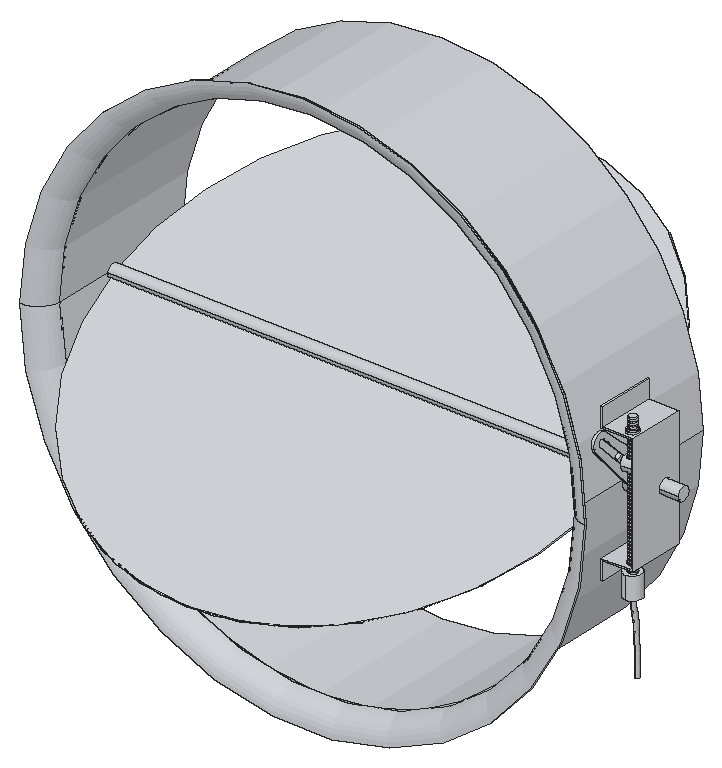
Revit family "BM-RC", category Mechanical Equipment, Revit 2015
Parameters
  URL = "https://unitedenertech.com/catalog/pdf/E_16%20Model%20BM-RC,%20ST-RC.pdf"
  Type Comments = "Max. Size is 20\" Diameter"
  Outer Radius [instance] = Diameter / 2  # 0' - 9"
  Model = "BM-RC"
  Manufacturer = "United Enertech Corporation"
  Inner Radius [instance] = Outer Radius - 0' 0 1/32"  # 0' - 8 31/32"
  Diameter = 1' - 6"
  Description = "Sticktite Bellmouth Twisting Cable System Damper"
  Blade Radius [instance] = Inner Radius - 0' 0 1/8"  # 0' - 8 27/32"
Reference planes (in)
  plane 1 "Center (Front/Back)": y = 0
  plane 2: z = 0
  plane 3 "Center (Left/Right)": x = 0
  plane 4: x = -9
  plane 5: x = 9
  plane 6: y = -3
  plane 7: y = 3
  plane 8: z = 9
  plane 9: z = -9
  plane 10: y = -2.25
  plane 11: x = -9.75
  plane 12: x = 9.75
  plane 13: z = 9.75
  plane 14: z = -9.75
  plane 15: y = -2.9701
  plane 16: x = -8.9701
  plane 17: x = 8.9701
  plane 18: x = 10.75
Forms (in)
  Extrusion 1, solid
    sketch origin (0, 0, 0) x (1, 0, 0) y (0, 0, 1)
      loop
        circle (0, 0) r 9
      loop
        circle (0, 0) r 8.96875
    from -3 to 2.25
  Sweep 2, solid
    path in 3D
      loop
        arc (-9, -2.25, 0) -> (0, -2.25, 9) -> (9, -2.25, 0) r 9
        arc (9, -2.25, 0) -> (0, -2.25, -9) -> (-9, -2.25, 0) r 9
    profile origin (0, -2.25, -9) x (0, 0, -1) y (0, -1, 0)
      loop
        arc (0, 0) -> (0.23196, 0.50903) -> (0.75, 0.7201) r 0.75756
        line (0.75, 0.7201) -> (0.75, 0.75135)
        arc (0.75, 0.75135) -> (0.20986, 0.53113) -> (-0.03129, 0) r 0.78881
        line (-0.03129, 0) -> (0, 0)
  Extrusion 3, solid
    sketch origin (0, -0.00676, -0.0015) x (1, 0, 0) y (0, 0.906771, 0.421622)
      loop
        circle (0, 0) r 8.84375
    from 0 to -0.03208
  Extrusion 4, solid
    sketch origin (0, 0, 0) x (0, 1, 0) y (0, 0, 1)
      loop
        circle (-0.00676, -0.0015) r 0.21791
    from -9.75 to 10.75
Lines and regions (in)
  sketch lines
    curve 1: circle (0, -2.25, 0) r 9 normal (0, 1, 0)
Dimensions and locks (in)
  equal spacing: plane 7, plane 1 "Center (Front/Back)", plane 6
  locked: plane 7 to plane 6 at 6
  equal spacing: plane 4, plane 3 "Center (Left/Right)", plane 5
  "Diameter": plane 4 to plane 5
  equal spacing: plane 8, level, plane 9
  "Diameter": plane 8 to plane 9
  locked: plane 10 to plane 6 at 0.75
  locked: plane 11 to plane 4 at 0.75
  locked: plane 5 to plane 12 at 0.75
  locked: plane 13 to plane 8 at 0.75
  locked: plane 9 to plane 14 at 0.75
  locked: plane 15 to plane 6 at 0.0299
  locked: plane 4 to plane 16 at 0.0299
  locked: plane 17 to plane 5 at 0.0299
  locked: plane 12 to plane 18 at 1
  "Inner Radius": radius of Extrusion 1 sketch curve
  "Outer Radius": radius of Extrusion 1 sketch curve
  "Blade Radius": radius of Extrusion 3 sketch curve
  aligned and locked: level to plane 2
  aligned and locked: Extrusion 1 to plane 10
  aligned and locked: plane 7 to Extrusion 1
  aligned and locked: Sweep 2 sketch curve to profile plane
  aligned and locked: nested 1 to plane 5
  aligned and locked: Extrusion 4 to plane 18
  aligned and locked: Extrusion 4 to plane 11
Automatic sketch dimensions
  Extrusion 1 sketch curve to Extrusion 1 sketch curve = 0' - 0"  (x2)
  Extrusion 1 sketch curve to level = 0' - 0"
  Extrusion 1 sketch curve to plane 3 "Center (Left/Right)" = 0' - 0"
  profile plane to Sweep 2 sketch curve = 0' - 0"
  Sweep 2 sketch curve to profile plane = 0' - 0.03743"
  Sweep 2 sketch curve to Sweep 2 sketch curve = 0' - 0.03129"
  Sweep 2 sketch curve to Sweep 2 sketch curve = 0' - 0 1/32"
  Sweep 2 sketch curve to Sweep 2 sketch curve = 0' - 0"  (x3)
  Sweep 2 sketch curve to profile plane = 0' - 0 3/4"
  Extrusion 3 sketch curve to plane 3 "Center (Left/Right)" = 0' - 0"
  Extrusion 4 sketch curve to level = 0' - 0.0015"
  plane 1 "Center (Front/Back)" to Extrusion 4 sketch curve = 0' - 0.00676"
  radius of Extrusion 4 sketch curve = 0' - 0.21791"
Nested families (in)
  nested 1: "Twisting Cable Remote Controller" at (7.5478, -2.625, -3.81173) x (0, 1, 0) z (0, 0, 1), type "Twisting Cable Remote Controller"
Definition of nested family "Twisting Cable Remote Controller"
  Reference planes (in)
    plane 1 "Center (Front/Back)": y = 0
    plane 2: z = 0
    plane 3 "Center (Left/Right)": x = 0
  Forms (in)
    Extrusion 1, solid
      sketch origin (3.25, 0.77753, -2.67197) x (0, 0, 1) y (0, 1, 0)
        loop
          line (9.17197, -2.27753) -> (9.17197, -2.22973) -> (8.5001, -2.22973) -> (8.5001, -3.27085) -> (4.46885, -3.27085) -> (4.46885, -2.22973) -> (3.79697, -2.22973) -> (3.79697, -2.27753) -> (4.42197, -2.27753) -> (4.42197, -3.31773) -> (8.54697, -3.31773) -> (8.54697, -2.27753) -> (9.17197, -2.27753)
      from 0 to 2
    Extrusion 2, void
      sketch origin (0, 0, 0) x (1, 0, 0) y (0, 0, 1)
        loop
          circle (2.625, 3.8125) r 0.25
      from 2.2129 to 2.75
    Extrusion 3, solid
      sketch origin (1.0963, -0.06691, 0) x (1, 0, 0) y (0, 1, 0)
        loop
          circle (0.50222, -2.19637) r 0.12619
      from 1.22543 to 6.33488
    Extrusion 4, solid
      sketch origin (1.0963, -0.06691, 0) x (1, 0, 0) y (0, 1, 0)
        loop
          circle (0.50222, -2.19637) r 0.14302
      from 6.24722 to 6.29118
    Extrusion 5, solid
      sketch origin (3.12492, -2.07462, 1.54466) x (1, 0, 0) y (0, 0, 1)
        loop
          circle (-1.52717, 3.29503) r 0.25
      from -0.02967 to 0.39863
    Extrusion 6, void
      sketch origin (3.12492, -0.06725, 1.54466) x (1, 0, 0) y (0, 1, 0)
        loop
          circle (-1.52717, -2.19637) r 0.15291
      from 3.01275 to 3.62791
    Extrusion 7, solid
      sketch origin (3.12492, -2.07462, 1.54466) x (1, 0, 0) y (0, 0, 1)
        loop
          circle (-1.52717, 3.29503) r 0.125
      from -0.02967 to -0.16901
    Extrusion 8, solid
      sketch origin (1.0963, -0.06691, -0.11555) x (1, 0, 0) y (0, 1, 0)
        loop
          circle (0.50222, -2.19637) r 0.14302
      from 6.24722 to 6.29118
    Extrusion 9, solid
      sketch origin (1.0963, -0.06691, -0.2311) x (1, 0, 0) y (0, 1, 0)
        loop
          circle (0.50222, -2.19637) r 0.14302
      from 6.24722 to 6.29118
    Extrusion 10, solid
      sketch origin (1.0963, -0.06691, -0.34666) x (1, 0, 0) y (0, 1, 0)
        loop
          circle (0.50222, -2.19637) r 0.14302
      from 6.24722 to 6.29118
    Extrusion 11, solid
      sketch origin (1.0963, -0.06691, -0.46221) x (1, 0, 0) y (0, 1, 0)
        loop
          circle (0.50222, -2.19637) r 0.14302
      from 6.24722 to 6.29118
    Extrusion 12, solid
      sketch origin (1.0963, -0.06691, -0.57776) x (1, 0, 0) y (0, 1, 0)
        loop
          circle (0.50222, -2.19637) r 0.14302
      from 6.24722 to 6.29118
    Extrusion 13, solid
      sketch origin (1.0963, -0.06691, -0.69331) x (1, 0, 0) y (0, 1, 0)
        loop
          circle (0.50222, -2.19637) r 0.14302
      from 6.24722 to 6.29118
    Extrusion 14, solid
      sketch origin (1.0963, -0.06691, -0.80887) x (1, 0, 0) y (0, 1, 0)
        loop
          circle (0.50222, -2.19637) r 0.14302
      from 6.24722 to 6.29118
    Extrusion 15, solid
      sketch origin (1.0963, -0.06691, -0.92442) x (1, 0, 0) y (0, 1, 0)
        loop
          circle (0.50222, -2.19637) r 0.14302
      from 6.24722 to 6.29118
    Extrusion 16, solid
      sketch origin (1.0963, -0.06691, -1.03997) x (1, 0, 0) y (0, 1, 0)
        loop
          circle (0.50222, -2.19637) r 0.14302
      from 6.24722 to 6.29118
    Extrusion 17, solid
      sketch origin (1.0963, -0.06691, -1.15552) x (1, 0, 0) y (0, 1, 0)
        loop
          circle (0.50222, -2.19637) r 0.14302
      from 6.24722 to 6.29118
    Extrusion 18, solid
      sketch origin (1.0963, -0.06691, -1.27108) x (1, 0, 0) y (0, 1, 0)
        loop
          circle (0.50222, -2.19637) r 0.14302
      from 6.24722 to 6.29118
    Extrusion 19, solid
      sketch origin (1.0963, -0.06691, -1.38663) x (1, 0, 0) y (0, 1, 0)
        loop
          circle (0.50222, -2.19637) r 0.14302
      from 6.24722 to 6.29118
    Extrusion 20, solid
      sketch origin (1.0963, -0.06691, -1.50218) x (1, 0, 0) y (0, 1, 0)
        loop
          circle (0.50222, -2.19637) r 0.14302
      from 6.24722 to 6.29118
    Extrusion 21, solid
      sketch origin (1.0963, -0.06691, -1.61773) x (1, 0, 0) y (0, 1, 0)
        loop
          circle (0.50222, -2.19637) r 0.14302
      from 6.24722 to 6.29118
    Extrusion 22, solid
      sketch origin (1.0963, -0.06691, -1.73329) x (1, 0, 0) y (0, 1, 0)
        loop
          circle (0.50222, -2.19637) r 0.14302
      from 6.24722 to 6.29118
    Extrusion 23, solid
      sketch origin (1.0963, -0.06691, -1.84884) x (1, 0, 0) y (0, 1, 0)
        loop
          circle (0.50222, -2.19637) r 0.14302
      from 6.24722 to 6.29118
    Extrusion 24, solid
      sketch origin (1.0963, -0.06691, -1.96439) x (1, 0, 0) y (0, 1, 0)
        loop
          circle (0.50222, -2.19637) r 0.14302
      from 6.24722 to 6.29118
    Extrusion 25, solid
      sketch origin (1.0963, -0.06691, -2.07994) x (1, 0, 0) y (0, 1, 0)
        loop
          circle (0.50222, -2.19637) r 0.14302
      from 6.24722 to 6.29118
    Extrusion 26, solid
      sketch origin (1.0963, -0.06691, -2.1955) x (1, 0, 0) y (0, 1, 0)
        loop
          circle (0.50222, -2.19637) r 0.14302
      from 6.24722 to 6.29118
    Extrusion 27, solid
      sketch origin (1.0963, -0.06691, -2.31105) x (1, 0, 0) y (0, 1, 0)
        loop
          circle (0.50222, -2.19637) r 0.14302
      from 6.24722 to 6.29118
    Extrusion 28, solid
      sketch origin (1.0963, -0.06691, -2.4266) x (1, 0, 0) y (0, 1, 0)
        loop
          circle (0.50222, -2.19637) r 0.14302
      from 6.24722 to 6.29118
    Extrusion 29, solid
      sketch origin (1.0963, -0.06691, -2.54215) x (1, 0, 0) y (0, 1, 0)
        loop
          circle (0.50222, -2.19637) r 0.14302
      from 6.24722 to 6.29118
    Extrusion 30, solid
      sketch origin (1.0963, -0.06691, -2.65771) x (1, 0, 0) y (0, 1, 0)
        loop
          circle (0.50222, -2.19637) r 0.14302
      from 6.24722 to 6.29118
    Extrusion 31, solid
      sketch origin (1.0963, -0.06691, -2.77326) x (1, 0, 0) y (0, 1, 0)
        loop
          circle (0.50222, -2.19637) r 0.14302
      from 6.24722 to 6.29118
    Extrusion 32, solid
      sketch origin (1.0963, -0.06691, -2.88881) x (1, 0, 0) y (0, 1, 0)
        loop
          circle (0.50222, -2.19637) r 0.14302
      from 6.24722 to 6.29118
    Extrusion 33, solid
      sketch origin (1.0963, -0.06691, -3.00436) x (1, 0, 0) y (0, 1, 0)
        loop
          circle (0.50222, -2.19637) r 0.14302
      from 6.24722 to 6.29118
    Extrusion 34, solid
      sketch origin (1.0963, -0.06691, -3.11992) x (1, 0, 0) y (0, 1, 0)
        loop
          circle (0.50222, -2.19637) r 0.14302
      from 6.24722 to 6.29118
    Extrusion 35, solid
      sketch origin (1.0963, -0.06691, -3.23547) x (1, 0, 0) y (0, 1, 0)
        loop
          circle (0.50222, -2.19637) r 0.14302
      from 6.24722 to 6.29118
    Extrusion 36, solid
      sketch origin (1.0963, -0.06691, -3.35102) x (1, 0, 0) y (0, 1, 0)
        loop
          circle (0.50222, -2.19637) r 0.14302
      from 6.24722 to 6.29118
    Extrusion 37, solid
      sketch origin (1.0963, -0.06691, -3.46657) x (1, 0, 0) y (0, 1, 0)
        loop
          circle (0.50222, -2.19637) r 0.14302
      from 6.24722 to 6.29118
    Extrusion 38, solid
      sketch origin (1.0963, -0.06691, -3.58213) x (1, 0, 0) y (0, 1, 0)
        loop
          circle (0.50222, -2.19637) r 0.14302
      from 6.24722 to 6.29118
    Extrusion 39, solid
      sketch origin (1.0963, -0.06691, -3.69768) x (1, 0, 0) y (0, 1, 0)
        loop
          circle (0.50222, -2.19637) r 0.14302
      from 6.24722 to 6.29118
    Extrusion 40, solid
      sketch origin (1.0963, -0.06691, -3.81323) x (1, 0, 0) y (0, 1, 0)
        loop
          circle (0.50222, -2.19637) r 0.14302
      from 6.24722 to 6.29118
    Extrusion 41, solid
      sketch origin (1.0963, -0.06691, -3.92878) x (1, 0, 0) y (0, 1, 0)
        loop
          circle (0.50222, -2.19637) r 0.14302
      from 6.24722 to 6.29118
    Extrusion 42, solid
      sketch origin (1.0963, -0.06691, -4.04434) x (1, 0, 0) y (0, 1, 0)
        loop
          circle (0.50222, -2.19637) r 0.14302
      from 6.24722 to 6.29118
    Extrusion 43, solid
      sketch origin (1.0963, -0.06691, -4.15989) x (1, 0, 0) y (0, 1, 0)
        loop
          circle (0.50222, -2.19637) r 0.14302
      from 6.24722 to 6.29118
    Extrusion 44, solid
      sketch origin (1.0963, -0.06691, -4.27544) x (1, 0, 0) y (0, 1, 0)
        loop
          circle (0.50222, -2.19637) r 0.14302
      from 6.24722 to 6.29118
    Extrusion 45, solid
      sketch origin (1.0963, -0.06691, -4.39099) x (1, 0, 0) y (0, 1, 0)
        loop
          circle (0.50222, -2.19637) r 0.14302
      from 6.24722 to 6.29118
    Extrusion 46, solid
      sketch origin (1.0963, -0.06691, -4.50655) x (1, 0, 0) y (0, 1, 0)
        loop
          circle (0.50222, -2.19637) r 0.14302
      from 6.24722 to 6.29118
    Extrusion 47, solid
      sketch origin (1.0963, -0.06691, -4.6221) x (1, 0, 0) y (0, 1, 0)
        loop
          circle (0.50222, -2.19637) r 0.14302
      from 6.24722 to 6.29118
    Extrusion 48, solid
      sketch origin (1.0963, -0.06691, -4.73765) x (1, 0, 0) y (0, 1, 0)
        loop
          circle (0.50222, -2.19637) r 0.14302
      from 6.24722 to 6.29118
    Extrusion 49, solid
      sketch origin (1.0963, -0.06691, -4.8532) x (1, 0, 0) y (0, 1, 0)
        loop
          circle (0.50222, -2.19637) r 0.14302
      from 6.24722 to 6.29118
    Extrusion 50, solid
      sketch origin (1.0963, -0.06691, -4.96876) x (1, 0, 0) y (0, 1, 0)
        loop
          circle (0.50222, -2.19637) r 0.14302
      from 6.24722 to 6.29118
    Extrusion 51, solid
      sketch origin (-7.79124, -1.93477, 1.74952) x (1, 0, 0) y (0, 0, 1)
        loop
          arc (8.53426, 4.37104) -> (8.11019, 4.3531) -> (8.09518, 3.9289) r 0.3125
          line (8.09518, 3.9289) -> (8.97874, 2.93161) -> (10.03746, 1.7366)
          arc (10.03746, 1.7366) -> (10.77101, 1.71066) -> (10.73998, 2.44402) r 0.5
          line (10.73998, 2.44402) -> (8.97874, 3.98273) -> (8.53426, 4.37104)
        loop
          arc (8.42707, 4.22161) -> (8.24323, 4.22098) -> (8.24386, 4.03713) r 0.13
          line (8.24386, 4.03713) -> (8.97874, 3.30733) -> (9.74457, 2.54679)
          arc (9.74457, 2.54679) -> (9.92842, 2.54743) -> (9.92778, 2.73128) r 0.13
          line (9.92778, 2.73128) -> (8.97874, 3.67376) -> (8.42707, 4.22161)
        loop
          circle (10.41624, 2.06298) r 0.3125
      from 0 to 0.09
    Extrusion 52, solid
      sketch origin (-9.87435, -1.43477, 1.74952) x (1, 0, 0) y (0, 0, 1)
        loop
          circle (12.49935, 2.06298) r 0.5
        loop
          circle (12.49935, 2.06298) r 0.25
      from 0.01743 to 0.5
    Extrusion 53, solid
      sketch origin (0, -1.78061, 0) x (1, 0, 0) y (0, 0, 1)
        loop
          line (1.41102, 4.72603) -> (1.59852, 4.61778) -> (1.78602, 4.72603) -> (1.78602, 4.94254) -> (1.59852, 5.05079) -> (1.41102, 4.94254) -> (1.41102, 4.72603)
      from 0 to 0.125
    Extrusion 54, void
      sketch origin (0, 0, 0) x (1, 0, 0) y (0, 1, 0)
        loop
          circle (1.59852, -2.26327) r 0.15208
      from 1.66908 to 6.5
    Extrusion 55, solid
      sketch origin (-2.75, 0, 1.71025) x (1, 0, 0) y (0, 1, 0)
        loop
          circle (4.34852, -2.26327) r 0.19908
      from 0 to 0.03975
    Extrusion 56, solid
      sketch origin (-2.75, 0, 1.75) x (1, 0, 0) y (0, 1, 0)
        loop
          circle (4.34852, -2.26327) r 0.15591
      from 0 to 0.075
    Extrusion 57, void
      sketch origin (-2.75, 0, 0) x (1, 0, 0) y (0, 1, 0)
        loop
          circle (4.34852, -2.26327) r 0.12619
      from 1.68939 to 1.83522
    Extrusion 58, solid
      sketch origin (-2.75, 0, 5.875) x (0, -1, 0) y (1, 0, 0)
        loop
          circle (2.26327, 4.34852) r 0.19908
      from 0 to 0.03975
    Extrusion 59, solid
      sketch origin (-2.75, 0, 5.8) x (0, -1, 0) y (1, 0, 0)
        loop
          circle (2.26327, 4.34852) r 0.15591
      from 0 to 0.075
    Extrusion 60, solid
      sketch origin (0, 0, 0.7875) x (1, 0, 0) y (0, 1, 0)
        loop
          circle (1.59852, -2.26327) r 0.15591
        loop
          circle (1.59852, -2.26327) r 0.30572
      from 0 to 0.75
    Sweep 61, solid
      path in 3D
        loop
          spline (1.58593, -2.25, 0.98408) -> (1.59501, -2.25, 0.77809) -> (1.6201, -2.25, 0.61024) -> (1.65216, -2.25, 0.44412) -> (1.6863, -2.25, 0.26253) -> (1.72006, -2.25, 0.05959) -> (1.751, -2.25, -0.17045) -> (1.77669, -2.25, -0.43331) -> (1.79493, -2.25, -0.73277) -> (1.80601, -2.25, -1.05184) -> (1.8117, -2.25, -1.36104) -> (1.81379, -2.25, -1.63069) -> (1.81409, -2.25, -1.83114)
      profile origin (1.751, -2.25, -0.17045) x (0.993227, 0, 0.116194) y (0, -1, 0)
        loop
          circle (0, 0) r 0.06993
    Extrusion 62, solid
      sketch origin (0, 0, 0) x (1, 0, 0) y (0, 1, 0)
        loop
          circle (1.59852, -2.26327) r 0.15591
      from 0.90927 to 0.7875
  Cuts and joins
    Extrusion 2, Extrusion 54 cuts Extrusion 1
    joined: Extrusion 3, Extrusion 4
    Extrusion 6 cuts Extrusion 5
    Extrusion 57 cuts Extrusion 55
    Extrusion 57 cuts Extrusion 56
  Lines and regions (in)
    sketch lines
      curve 1: spline (1.58593, -2.25, 0.98408) -> (1.59501, -2.25, 0.77809) -> (1.6201, -2.25, 0.61024) -> (1.65216, -2.25, 0.44412) -> (1.6863, -2.25, 0.26253) -> (1.72006, -2.25, 0.05959) -> (1.751, -2.25, -0.17045) -> (1.77669, -2.25, -0.43331) -> (1.79493, -2.25, -0.73277) -> (1.80601, -2.25, -1.05184) -> (1.8117, -2.25, -1.36104) -> (1.81379, -2.25, -1.63069) -> (1.81409, -2.25, -1.83114)
  Dimensions and locks (in)
    aligned and locked: level to plane 2
